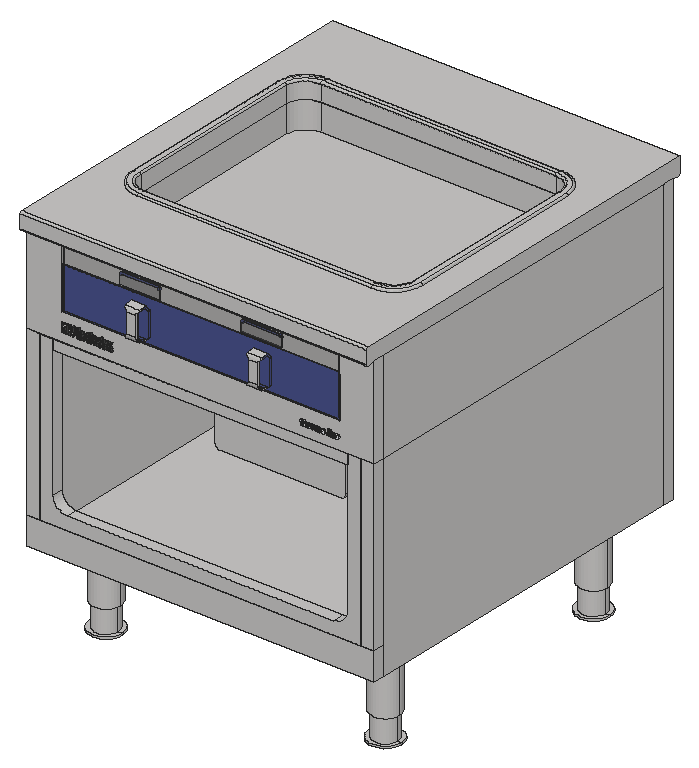
Revit family "QF_ELECTROLUXPROFESSIONAL_589819_MCAHEAH1DM", category Attrezzature speciali, Revit 2021 (continued)
Definition of nested family "QF_ELECTROLUXPROFESSIONAL_589819_BASE"
  Automatic sketch dimensions
    Extrusion 3 sketch curve to plane 12 = 18 mm
    Extrusion 4 sketch curve to plane 12 = 18 mm
    plane 12 to Extrusion 5 sketch curve = 14 mm
    plane 3 "LEFT" to Extrusion 5 sketch curve = 30 mm
    plane 11 to Extrusion 3 sketch curve = 18 mm
    plane 11 to Extrusion 4 sketch curve = 18 mm
    Extrusion 5 sketch curve to plane 11 = 14 mm
    plane 11 to Extrusion 5 sketch curve = 18 mm
Definition of nested family "FEET200_MARINE"
  Parameters (values of type "FEET200_MARINE")
    Default Elevation = 0 mm
    FEET = 200 mm
  Reference planes
    plane 1 "Center (Front/Back)": y = 0
    plane 2: z = 0
    plane 3 "Center (Left/Right)": x = 0
    plane 4: z = 200
  Forms (mm)
    Revolve 1, solid
      sketch origin (0, 0, 0) x (1, 0, 0) y (0, 0, 1)
        loop
          line (0, 200) -> (-38, 200) -> (-38, 196) -> (-33, 196) -> (-33, 59) -> (-28, 59) -> (-28, 4) -> (-38, 4) -> (-38, 0) -> (0, 0) -> (0, 200)
        axis (0, 0) -> (0, 200)
      angle from 0 to 360
  Lines and regions (mm)
    symbolic lines
      curve 1: line (0, -1.503, 0) -> (0, 1.508, 0)
      curve 2: line (1.561, 0, 0) -> (-1.439, 0, 0)
  Dimensions and locks
    "FEET": plane 4 to plane 2
    aligned and locked: level to plane 2
  Automatic sketch dimensions
    plane 1 "Center (Front/Back)" to curve 2 = 0 mm
    curve 1 to plane 3 "Center (Left/Right)" = 0 mm
    curve 2 to plane 3 "Center (Left/Right)" = 1.439 mm
    plane 3 "Center (Left/Right)" to curve 2 = 1.561 mm
    plane 1 "Center (Front/Back)" to curve 1 = 1.503 mm
    curve 1 to plane 1 "Center (Front/Back)" = 1.508 mm
    Revolve 1 sketch curve to plane 4 = 0 mm
    Revolve 1 sketch curve to level = 0 mm  (x2)
    Revolve 1 sketch curve to plane 3 "Center (Left/Right)" = 0 mm  (x2)
    Revolve 1 sketch curve to plane 3 "Center (Left/Right)" = 28 mm
    Revolve 1 sketch curve to Revolve 1 sketch curve = 5 mm  (x2)
    level to Revolve 1 sketch curve = 4 mm
    Revolve 1 sketch curve to Revolve 1 sketch curve = 10 mm
    Revolve 1 sketch curve to Revolve 1 sketch curve = 55 mm
    plane 4 to Revolve 1 sketch curve = 40 mm
    Revolve 1 sketch curve to plane 4 = 4 mm
